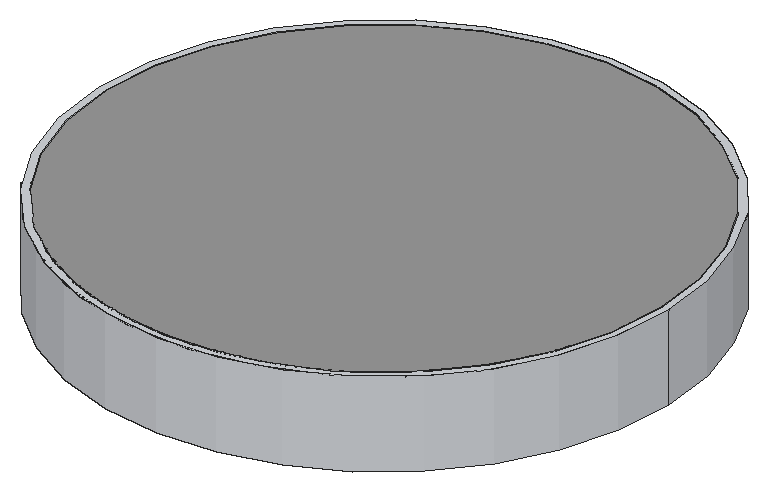
Revit family "2071145", category Lighting Fixtures, host Face, Revit 2018
Family settings
  Host = Face
  Round Connector Dimension = Use Diameter
  Part Type = Normal
  OmniClass Number = 23.80.70.00
  OmniClass Title = Lighting
  Cut with Voids When Loaded = No
  Light Source = Yes
  Shared = No
  Room Calculation Point = No
Parameters (values of type "2071145 COLOSSAL 400 840 OP DIR+H WHT SSC")
  iner diameter = 390 mm
  Weight = "n/a"
  Wattage Comments = ""
  Wattage = 30 W
  WarrantyStartDate [instance] = "n/a"
  WarrantyGuarantorParts = "n/a"
  WarrantyDurationUnit = "n/a"
  WarrantyDurationParts = ""
  WarrantyDescription = "http://www.sylvania-lighting.com"
  built-in parameter 1150110 = 1 (stored number, unit not read)
  Voltage = 230 V
  URL = "0.95"
  TypeName = "COLOSSAL 400mm 840 OPAL DIR+HAL WHITE SSC"
  Type Image = <None>
  Type Comments = "n/a"
  built-in parameter 1114217 = 1 (stored number, unit not read)
  Tilt Angle = -90.00°
  built-in parameter 1150109 = 1 (stored number, unit not read)
  built-in parameter 1150134 = (empty or 0)
  built-in parameter 1150113 = 1 (stored number, unit not read)
  SerialNumber [instance] = "n/a"
  Photometric Web File = "2071145.ies"
  Material_3_SYL = LED-Sylvania
  PowerFactor = 0
  PowerConsumption = "Lighting"
  NominalLength = 400 mm
  NominalHeight = 93 mm
  NominalDepth = 400 mm
  Name = "COLOSSAL 400mm 840 OPAL DIR+HAL WHITE SSC"
  ModelReference = Name  # "COLOSSAL 400mm 840 OPAL DIR+HAL WHITE SSC"
  ModelNumber = "2071145"
  Model = Name  # "COLOSSAL 400mm 840 OPAL DIR+HAL WHITE SSC"
  Material = "Feilo Sylvania"
  ManufacturerName = "131 lm/W"
  Manufacturer = ""
  LuminousEfficacy = ""
  built-in parameter 1150105 = 270.44 (stored number, unit not read)
  Lumens = 3398.4 lm
  LuminaireType = "0"
  built-in parameter 1150115 = 1 (stored number, unit not read)
  LightOutputRatio = "LED"
  built-in parameter 1150137 = (empty or 0)
  built-in parameter 1150139 = (empty or 0)
  LampsType = Lamp  # "n/a"
  LampNominalLuminous = "4000 K"
  LampMacAdamStep = "80"
  LampColourTemperature = "LED"
  LampColourRenderingIndex = "16500"
  built-in parameter 1150112 = 1 (stored number, unit not read)
  built-in parameter 1150114 = 1 (stored number, unit not read)
  Lamp = "n/a"
  Keynote = "n/a"
  InstallationDate [instance] = "n/a"
  InputVoltage = "0"
  InputNominalFrequency = "4000"
  built-in parameter 1150132 = (empty or 0)
  built-in parameter 1150102 = (empty or 0)
  built-in parameter 1150107 = 3000 (stored number, unit not read)
  built-in parameter 1150138 = (empty or 0)
  IngressProtection = "IfcLightFixtureType"
  ImpactProtectionIndex = "IfcLightFixtureType"
  built-in parameter 1150106 = 2.7044 (stored number, unit not read)
  IfcExportType = "IfcLightFixtureType"
  IfcExportAs = "Class I"
  Emit from Circle Diameter = 385 mm
  Emit Shape Visible in Rendering = no
  ElectricShockClassification = "131"
  built-in parameter 1150104 = 10.524 (stored number, unit not read)
  DocumentationLiterature = "http://www.sylvania-lighting.com/product/en-int/products/2071145"
  DimmingControlOptions = "n/a"
  Material_2_SYL = Polycarbonate_Sylvania_White
  Dimming Lamp Color Temperature Shift = <None>
  Description = "400mm diameter circular architectural luminaire, can be surface mounted or suspended. Powder coated aluminium housing (RAL9016) with polycarbonate opal diffuser. Direct/indirect (halo) light distribution, 2680lm luminuous flux, 20.5W system power, 131lm/W luminiaire efficacy. Sylsmart Standalone enabled. Colour rendering index Ra >80, 4000K Neutral White LED, chromaticity tolerance of 3-step MacAdam ellipse. IP40, IK03. 450mA drive current. Electrical protection Class1, 220-240V. Reported lifetime 66k hours L90B10."
  Default Elevation = 1219.2 mm
  CreatedOn = "22/03/2022"
  CreatedBy = "@sylvania-lighting.com"
  Cost = 0
  Color Filter = 16777215
  built-in parameter 1114216 [instance] = (empty or 0)
  ClassificationValue = "EF_70_80"
  ClassificationName = "Uniclass2015"
  Material_1_SYL = Polycarbonate_Sylvania_Opal
  BarCode [instance] = "n/a"
  built-in parameter 1114218 = 1 (stored number, unit not read)
  built-in parameter 1150133 = 10 (stored number, unit not read)
  AssetType = "Fixed"
  AssetIdentifier [instance] = "n/a"
  Assembly Code = "D5020200"
  Apparent Load = 20.5 VA
  Material_4_SYL = none
Reference planes
  plane 1 "Center (Front/Back)": y = 0
  plane 2: z = 0
  plane 3 "Center (Left/Right)": x = 0
  plane 4: x = -200
  plane 5: x = 200
  plane 6: y = 200
  plane 7: y = -200
  plane 8: y = 236
  plane 9: y = -236
  plane 10: z = 93
  plane 11: y = 195
  plane 12: y = -195
  plane 13: y = 90.5
  plane 14: y = 144.5
  plane 15: through (52.25, 90.5, 1219.2) normal (0.866, 0.5, 0)
  plane 16: through (52.25, 90.5, 1219.2) normal (0.866, 0.5, 0)
  plane 17: through (63.706, 126.657, 1219.2) normal (0.866, 0.5, 0)
  plane 18: through (-104.5, 0, 1219.2) normal (-0.866, 0.5, 0)
  plane 19: through (-142.394, -9.633, 1219.2) normal (-0.866, 0.5, 0)
  plane 20: y = -90.5
  plane 21: y = -118.5
  plane 22: through (85.371, -141.133, 1219.2) normal (-0.866, 0.5, 0)
  plane 23: through (52.25, -90.5, 1219.2) normal (-0.866, 0.5, 0)
  plane 24: through (-161.658, 0, 1219.2) normal (0.866, 0.5, 0)
  plane 25: through (-172.12, 9.121, 1219.2) normal (0.866, 0.5, 0)
  plane 26: through (-104.5, 0, 1219.2) normal (0.866, 0.5, 0)
Forms (mm)
  Extrusion 1, solid, detail levels medium+fine
    sketch origin (0, 0, 0) x (1, 0, 0) y (0, 1, 0)
      loop
        circle (0, 0) r 200
    from 33.023 to 93
  Extrusion 2, void
    sketch origin (0, 0, 0) x (1, 0, 0) y (0, 1, 0)
      loop
        circle (0, 0) r 195
    from 93 to 37.292
  Extrusion 3, solid, material "Glass, White, High Luminance", detail levels fine
    sketch origin (0, 0, 0) x (1, 0, 0) y (0, 1, 0)
      loop
        circle (0, 0) r 195
    from 88.026 to 93
  Extrusion 4, solid, detail levels coarse
    sketch origin (0, 0, 0) x (1, 0, 0) y (0, 1, 0)
      loop
        line (-200, 200) -> (-200, -200) -> (200, -200) -> (200, 200) -> (-200, 200)
    from 0 to 93
  Blend 5, solid, detail levels medium+fine
    base sketch origin (0, 0, 0) x (1, 0, 0) y (0, 1, 0)
      loop
        line (-52.25, 90.5) -> (-104.5, 0) -> (-52.25, -90.5) -> (52.25, -90.5) -> (104.5, 0) -> (52.25, 90.5) -> (-52.25, 90.5)
    top sketch origin (0, 0, 0) x (1, 0, 0) y (0, 1, 0)
      loop
        line (-53.405, 144.5) -> (-149.245, -21.5) -> (-93.242, -118.5) -> (98.438, -118.5) -> (151.843, -26) -> (53.405, 144.5) -> (-53.405, 144.5)
    from 0 to 33.023
Cuts and joins
  Extrusion 2 cuts Extrusion 1
Dimensions and locks
  "NominalDepth": plane 6 to plane 7
  "NominalLength": plane 4 to plane 5
  equal spacing: plane 4, plane 3 "Center (Left/Right)", plane 5
  "iner diameter": plane 11 to plane 12
  equal spacing: plane 11, plane 1 "Center (Front/Back)", plane 12
  equal spacing: plane 6, plane 1 "Center (Front/Back)", plane 7
  "NominalHeight": plane 10 to level
  plane 19 to plane 18 = 28 mm
  radius of Extrusion 2 sketch curve = 195 mm
  aligned and locked: plane 2 to host face
  aligned and locked: level to host face
Automatic sketch dimensions
  host sketch curve to host sketch curve = 2438.4 mm  (x2)
  plane 1 "Center (Front/Back)" to Extrusion 1 sketch curve = 0 mm
  Extrusion 1 sketch curve to plane 3 "Center (Left/Right)" = 0 mm
  plane 1 "Center (Front/Back)" to Extrusion 2 sketch curve = 0 mm
  Extrusion 2 sketch curve to plane 3 "Center (Left/Right)" = 0 mm
  plane 1 "Center (Front/Back)" to Extrusion 3 sketch curve = 0 mm
  Extrusion 3 sketch curve to plane 3 "Center (Left/Right)" = 0 mm
  Extrusion 4 sketch curve to plane 4 = 0 mm
  Extrusion 4 sketch curve to plane 5 = 0 mm
  Extrusion 4 sketch curve to plane 7 = 0 mm
  Extrusion 4 sketch curve to plane 6 = 0 mm
  Blend 5 sketch curve to plane 19 = 0 mm  (x2)
  Blend 5 sketch curve to plane 24 = 0 mm  (x2)
  Blend 5 sketch curve to plane 21 = 0 mm
  Blend 5 sketch curve to plane 14 = 0 mm
  Blend 5 sketch curve to plane 17 = 0 mm  (x2)
  Blend 5 sketch curve to plane 22 = 0 mm  (x2)
  radius of Extrusion 1 sketch curve = 200 mm
  radius of Extrusion 3 sketch curve = 195 mm
Connectors
  electrical at (0, 0, 0), driven by "Apparent Load", driven by "PowerFactor", driven by "Voltage"
    settings: index 1, voltage 230 V, apparent load 20.5 VA, apparent load phase1 0 VA, apparent load phase2 0 VA, apparent load phase3 0 VA, power factor 0, load classification "Lighting", number of poles 1, system type 30, power factor state 1, is connector primary yes, connector utility no, sub classification motor no, connector description ""
